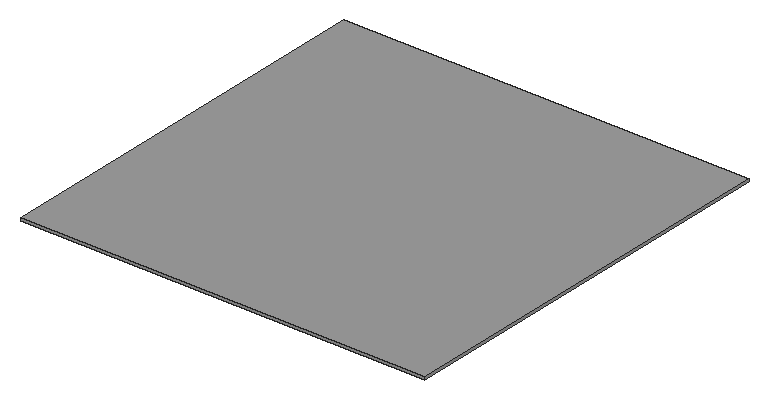
Revit family "BK-BK Inverted Roof 25mm Family", category Generic Models, host Floor, Revit 2017
Family settings
  Host = Floor
  Can host rebar = No
  Round Connector Dimension = Use Diameter
  Part Type = Normal
  Always vertical = Yes
  Cut with Voids When Loaded = No
  Shared = No
  Room Calculation Point = No
Parameters (values of type "Lambdaboard")
  Width = 4000 mm
  URL = "www.rigifoam.com"
  Type Comments = "duncan@rigifoam.com"
  Thermal Resistance = 1.0400 (m²·K)/W
  Thermal Conductivity = 0.0240 W/(m·K)
  Model = "BK/BK Inverted Roof 25mm"
  Material = Polyisocyanurate
  Manufacturer = "Lambdaboard"
  Length = 4000 mm
  Slab Thickness = 300 mm
  Description = "Flexible PIR Insulation"
  Depth = 25 mm
  Density = 40.0000 kg/m³
Reference planes
  plane 1 "Center (Front/Back)": y = 0
  plane 2: z = 0
  plane 3 "Center (Left/Right)": x = 0
Forms (mm)
  Extrusion 1, solid, material "Polyisocyanurate" <- "Material"
    sketch origin (0, 0, 0) x (1, 0, 0) y (0, 1, 0)
      loop
        line (-2000, 2000) -> (-2000, -2000) -> (2000, -2000) -> (2000, 2000) -> (-2000, 2000)
    from -300 to -325
Dimensions and locks
  "Depth": Extrusion 1 to Extrusion 1
  "Length": Extrusion 1 to Extrusion 1
  "Width": Extrusion 1 to Extrusion 1
  "Slab Thickness": plane 2 to Extrusion 1
  aligned and locked: level to plane 2
Automatic sketch dimensions
  Extrusion 1 sketch curve to plane 3 "Center (Left/Right)" = 2000 mm
  plane 3 "Center (Left/Right)" to Extrusion 1 sketch curve = 2000 mm
  plane 1 "Center (Front/Back)" to Extrusion 1 sketch curve = 2000 mm
  Extrusion 1 sketch curve to plane 1 "Center (Front/Back)" = 2000 mm
